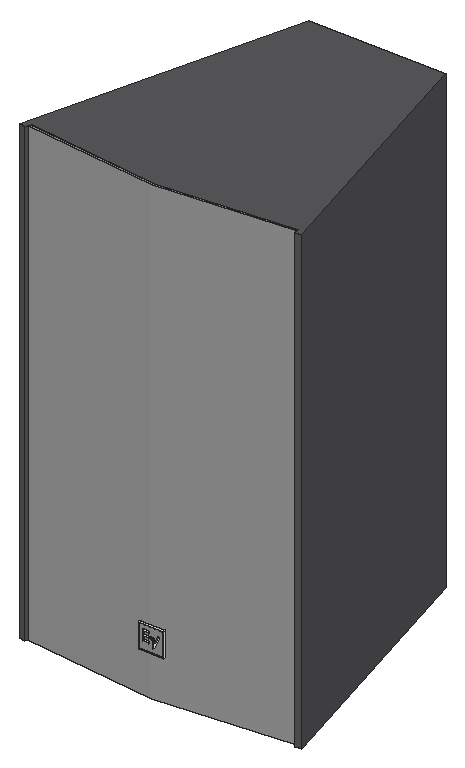
Revit family "EVF-1152S", category Communication Devices, Revit 2017
Family settings
  Maintain Annotation Orientation = Yes
  Round Connector Dimension = Use Diameter
  Part Type = Normal
  OmniClass Number = 23.85.10.11.11.21
  OmniClass Title = Speakers
  Work Plane-Based = Yes
  Always vertical = Yes
  Cut with Voids When Loaded = No
  Shared = No
  Room Calculation Point = No
Parameters (values of type "EVF1152S43BLKLB_Black_40X30_1X15_Two-Way")
  Version = "1"
  Uniclass2015Code = "Pr_60_75_08_02"
  URL = ""
  ProductInformation = "https://www.electrovoice.com/binary/EVF-1152S-43_Engineering_Data_Sheet.PDF"
  PlanningTools = "https://www.electrovoice.com/product.php?id=955#downloads"
  ModelNumber = "F.01U.272.518"
  Model = ""
  MaterialRALColour = "RAL9004"
  ManufacturerURL = "https://www.electrovoice.com"
  Manufacturer = "Electro Voice"
  LoudspeakerMaterial [instance] = 13-plyWeather-resistantBirchEVCoat -RAL9004
  GrillMaterial [instance] = 16GA Powder-coatedGalvanneal - B
  FrontLength = 469.84 mm  # constant formula
  Default Elevation = 0.00 mm
  CTN = "EVF1152S43BLKLB"
  BackLength = 228.60 mm  # constant formula
  InstallationManual = "https://www.electrovoice.com/binary/EVF-1152S-43_Engineering_Data_Sheet.PDF"
  IfcExportType = "IfcBuildingElementProxyType"
  IfcExportAs = "IfcBuildingElementProxy"
  Height = 768.55 mm  # constant formula
  Disclaimer = "http://resource.boschsecurity.com/information/BIM/Disclaimer_Electrovoice.pdf"
  Description = "ND2B 2 51mm Diaphragm, 36mm Exit Pure Titanium Compression Driver. SMX2151 381mm LF Transducer with Fully Symmetric Drive. Advanced 4th Order Crossover Network with HF Protection. Coverage Pattern: 40° x 30° Constant DirectivityTM 12” Rotatable Waveguide. 101 dB Sensitivity, 134 dB Maximum SPL. System Rating: 500W Continuous, (2000W Peak). Active Rating: LF400W/HF40W Continuous (1600W/160W Peak). (22) M10 Threaded Suspension Points"
  Depth = 466.57 mm  # constant formula
  ArchitectsAndEngineersSpecs = "https://www.electrovoice.com/binary/EVF-1152S-43_Engineering_Data_Sheet.PDF"
Reference planes
  plane 1 "Center (Front/Back)": y = 0
  plane 2: z = 0
  plane 3 "Center (Left/Right)": x = 0
Forms (mm)
  Extrusion 1, solid
    sketch origin (-218.808, 253.121, 151.949) x (0, 0, 1) y (0, -1, 0)
      loop
        line (-20.634, 250.621) -> (-5.289, 250.621) -> (-5.289, 253.121) -> (-20.634, 253.121) -> (-20.634, 250.621)
    from 217.781 to 244.634
  Extrusion 2, solid, material "16GA Powder-coatedGalvanneal - B" <- "GrillMaterial", detail levels medium+fine
    sketch origin (-0.165, -226.499, 0) x (1, 0, 0) y (0, 1, 0)
      loop
        line (-222.477, -216.478) -> (-223.774, -221.318)
        arc (-223.774, -221.318) -> (0.165, -243.208) -> (224.104, -221.318) r 1156.427
        line (224.104, -221.318) -> (222.807, -216.478)
        arc (222.807, -216.478) -> (0.165, -238.208) -> (-222.477, -216.478) r 1151.427
    from 0 to 768.55
  Extrusion 3, solid, material "13-plyWeather-resistantBirchEVCoat -RAL9004" <- "LoudspeakerMaterial"
    sketch origin (24.276, -254.036, 0) x (-1, 0, 0) y (0, -1, 0)
      loop
        line (-90.024, -254.036) -> (138.576, -254.036) -> (259.333, 196.636)
        arc (259.333, 196.636) -> (254.425, 197.639) -> (249.512, 198.621) r 1161.427
        line (249.512, 198.621) -> (246.918, 188.94)
        arc (246.918, 188.94) -> (24.276, 210.671) -> (-198.367, 188.94) r 1151.427
        line (-198.367, 188.94) -> (-200.961, 198.621)
        arc (-200.961, 198.621) -> (-205.873, 197.639) -> (-210.781, 196.636) r 1161.427
        line (-210.781, 196.636) -> (-90.024, -254.036)
    from 0 to 768.55
Lines and regions (mm)
  model lines, not visible
    curve 1: circle (-148.073, 312.274, 0) r 11.11 normal (0, 0, 1)
    curve 2: circle (-148.073, 312.274, 0) r 11.06 normal (0, 0, 1)
    curve 3: circle (-148.073, 312.274, 0) r 8.06 normal (0, 0, 1)
    curve 4: circle (0.015, 265.209, 0) r 11.11 normal (0, 0, 1)
    curve 5: circle (0.015, 265.209, 0) r 11.06 normal (0, 0, 1)
    curve 6: circle (0.015, 265.209, 0) r 8.06 normal (0, 0, 1)
    curve 7: circle (0.015, 37.855, 0) r 11.11 normal (0, 0, 1)
    curve 8: circle (0.015, 37.855, 0) r 11.06 normal (0, 0, 1)
    curve 9: circle (0.015, 37.855, 0) r 8.06 normal (0, 0, 1)
    curve 10: circle (-82.155, 65.035, 0) r 11.11 normal (0, 0, 1)
    curve 11: circle (-82.155, 65.035, 0) r 11.06 normal (0, 0, 1)
    curve 12: circle (-82.155, 65.035, 0) r 8.06 normal (0, 0, 1)
    curve 13: line (-105.991, 7.671, 0) -> (106.016, 7.671, 0)
    curve 41: line (-222.628, 442.966, 0) -> (-105.991, 7.671, 0)
    curve 42: line (222.653, 442.966, 0) -> (106.016, 7.671, 0)
    curve 43: line (-114.288, -0.002, -768.55) -> (-105.991, 7.671, -768.55)
    curve 44: line (114.312, -0.002, -768.55) -> (106.016, 7.671, -768.55)
    curve 45: circle (148.098, 312.274, 0) r 11.11 normal (0, 0, -1)
    curve 46: circle (148.098, 312.274, 0) r 11.06 normal (0, 0, -1)
    curve 47: circle (148.098, 312.274, 0) r 8.06 normal (0, 0, -1)
    curve 48: circle (82.179, 65.035, 0) r 11.11 normal (0, 0, -1)
    curve 49: circle (82.179, 65.035, 0) r 11.06 normal (0, 0, -1)
    curve 50: circle (82.179, 65.035, 0) r 8.06 normal (0, 0, -1)
  model lines, detail levels fine
    curve 14: circle (-0.006, -0.043, 728.55) r 12 normal (0, -1, 0)
    curve 15: circle (-0.006, -0.043, 40) r 12 normal (0, -1, 0)
    curve 16: circle (-0.006, -0.043, 40) r 8 normal (0, -1, 0)
    curve 17: circle (-0.006, -0.043, 728.55) r 8 normal (0, -1, 0)
    curve 52: circle (-144.82, -113.904, 728.55) r 12 normal (0.9659, -0.2588, 0)
    curve 53: circle (-144.82, -113.904, 728.55) r 8 normal (0.9659, -0.2588, 0)
    curve 54: circle (-144.82, -113.904, 40) r 12 normal (0.9659, -0.2588, 0)
    curve 55: circle (-144.82, -113.904, 40) r 8 normal (0.9659, -0.2588, 0)
    curve 56: circle (-123.682, -35.016, 659.275) r 6 normal (-0.9659, 0.2588, 0)
    curve 57: circle (-123.682, -35.016, 659.275) r 8 normal (-0.9659, 0.2588, 0)
    curve 58: circle (-123.682, -35.016, 109.275) r 6 normal (0.9659, -0.2588, 0)
    curve 59: circle (-123.682, -35.016, 109.275) r 8 normal (0.9659, -0.2588, 0)
    curve 60: circle (-123.682, -35.016, 296.775) r 6 normal (0.9659, -0.2588, 0)
    curve 61: circle (-123.682, -35.016, 296.775) r 8 normal (0.9659, -0.2588, 0)
    curve 62: circle (-123.682, -35.016, 471.775) r 6 normal (-0.9659, 0.2588, 0)
    curve 63: circle (-123.682, -35.016, 471.775) r 8 normal (-0.9659, 0.2588, 0)
    curve 64: circle (-197.446, -310.305, 728.55) r 12 normal (0.9659, -0.2588, 0)
    curve 65: circle (-197.446, -310.305, 728.55) r 8 normal (0.9659, -0.2588, 0)
    curve 66: circle (-197.446, -310.305, 40) r 12 normal (0.9659, -0.2588, 0)
    curve 67: circle (-197.446, -310.305, 40) r 8 normal (0.9659, -0.2588, 0)
    curve 68: circle (144.82, -113.904, 728.55) r 12 normal (0.9659, 0.2588, 0)
    curve 69: circle (144.82, -113.904, 728.55) r 8 normal (0.9659, 0.2588, 0)
    curve 70: circle (144.82, -113.904, 40) r 12 normal (0.9659, 0.2588, 0)
    curve 71: circle (144.82, -113.904, 40) r 8 normal (0.9659, 0.2588, 0)
    curve 72: circle (123.682, -35.016, 659.275) r 6 normal (-0.9659, -0.2588, 0)
    curve 73: circle (123.682, -35.016, 659.275) r 8 normal (-0.9659, -0.2588, 0)
    curve 74: circle (123.682, -35.016, 109.275) r 6 normal (0.9659, 0.2588, 0)
    curve 75: circle (123.682, -35.016, 109.275) r 8 normal (0.9659, 0.2588, 0)
    curve 76: circle (123.682, -35.016, 296.775) r 6 normal (0.9659, 0.2588, 0)
    curve 77: circle (123.682, -35.016, 296.775) r 8 normal (0.9659, 0.2588, 0)
    curve 78: circle (123.682, -35.016, 471.775) r 6 normal (-0.9659, -0.2588, 0)
    curve 79: circle (123.682, -35.016, 471.775) r 8 normal (-0.9659, -0.2588, 0)
    curve 80: circle (197.446, -310.305, 728.55) r 12 normal (0.9659, 0.2588, 0)
    curve 81: circle (197.446, -310.305, 728.55) r 8 normal (0.9659, 0.2588, 0)
    curve 82: circle (197.446, -310.305, 40) r 12 normal (0.9659, 0.2588, 0)
    curve 83: circle (197.446, -310.305, 40) r 8 normal (0.9659, 0.2588, 0)
  model lines
    curve 18: circle (-148.086, -312.277, 768.55) r 11.11 normal (0, 0, -1)
    curve 19: circle (-148.086, -312.277, 768.55) r 11.06 normal (0, 0, -1)
    curve 20: circle (-148.086, -312.277, 768.55) r 8.06 normal (0, 0, -1)
    curve 21: circle (0.003, -265.212, 768.55) r 11.11 normal (0, 0, -1)
    curve 22: circle (0.003, -265.212, 768.55) r 11.06 normal (0, 0, -1)
    curve 23: circle (0.003, -265.212, 768.55) r 8.06 normal (0, 0, -1)
    curve 24: circle (0.003, -37.857, 768.55) r 11.11 normal (0, 0, -1)
    curve 25: circle (0.003, -37.857, 768.55) r 11.06 normal (0, 0, -1)
    curve 26: circle (0.003, -37.857, 768.55) r 8.06 normal (0, 0, -1)
    curve 27: circle (-82.167, -65.037, 768.55) r 11.11 normal (0, 0, -1)
    curve 28: circle (-82.167, -65.037, 768.55) r 11.06 normal (0, 0, -1)
    curve 29: circle (-82.167, -65.037, 768.55) r 8.06 normal (0, 0, -1)
    curve 30: line (-106.003, -7.673, 768.55) -> (106.003, -7.673, 768.55)
    curve 31: line (-222.64, -442.968, 768.55) -> (-106.003, -7.673, 768.55)
    curve 32: line (222.64, -442.968, 768.55) -> (106.003, -7.673, 768.55)
    curve 33: line (-114.3, 0, 0) -> (-106.003, -7.673, 0)
    curve 34: line (114.3, 0, 0) -> (106.003, -7.673, 0)
    curve 35: circle (148.086, -312.277, 768.55) r 11.11 normal (0, 0, 1)
    curve 36: circle (148.086, -312.277, 768.55) r 11.06 normal (0, 0, 1)
    curve 37: circle (148.086, -312.277, 768.55) r 8.06 normal (0, 0, 1)
    curve 38: circle (82.167, -65.037, 768.55) r 11.11 normal (0, 0, 1)
    curve 39: circle (82.167, -65.037, 768.55) r 11.06 normal (0, 0, 1)
    curve 40: circle (82.167, -65.037, 768.55) r 8.06 normal (0, 0, 1)
    curve 51: line (-234.783, -450.191, 0) -> (-234.783, -450.691, 0)
  model lines, not visible, detail levels fine
    curve 84: circle (-0.006, -0.043, 728.55) r 12 normal (0, -1, 0)
    curve 85: circle (-0.006, -0.043, 40) r 12 normal (0, -1, 0)
    curve 86: circle (-0.006, -0.043, 40) r 8 normal (0, -1, 0)
    curve 87: circle (-0.006, -0.043, 728.55) r 8 normal (0, -1, 0)
    curve 88: circle (-144.82, -113.904, 728.55) r 12 normal (0.9659, -0.2588, 0)
    curve 89: circle (-144.82, -113.904, 728.55) r 8 normal (0.9659, -0.2588, 0)
    curve 90: circle (-144.82, -113.904, 40) r 12 normal (0.9659, -0.2588, 0)
    curve 91: circle (-144.82, -113.904, 40) r 8 normal (0.9659, -0.2588, 0)
    curve 92: circle (-123.682, -35.016, 659.275) r 6 normal (-0.9659, 0.2588, 0)
    curve 93: circle (-123.682, -35.016, 659.275) r 8 normal (-0.9659, 0.2588, 0)
    curve 94: circle (-123.682, -35.016, 109.275) r 6 normal (0.9659, -0.2588, 0)
    curve 95: circle (-123.682, -35.016, 109.275) r 8 normal (0.9659, -0.2588, 0)
    curve 96: circle (-123.682, -35.016, 296.775) r 6 normal (0.9659, -0.2588, 0)
    curve 97: circle (-123.682, -35.016, 296.775) r 8 normal (0.9659, -0.2588, 0)
    curve 98: circle (-123.682, -35.016, 471.775) r 6 normal (-0.9659, 0.2588, 0)
    curve 99: circle (-123.682, -35.016, 471.775) r 8 normal (-0.9659, 0.2588, 0)
    curve 100: circle (-197.446, -310.305, 728.55) r 12 normal (0.9659, -0.2588, 0)
    curve 101: circle (-197.446, -310.305, 728.55) r 8 normal (0.9659, -0.2588, 0)
    curve 102: circle (-197.446, -310.305, 40) r 12 normal (0.9659, -0.2588, 0)
    curve 103: circle (-197.446, -310.305, 40) r 8 normal (0.9659, -0.2588, 0)
    curve 104: circle (144.82, -113.904, 728.55) r 12 normal (0.9659, 0.2588, 0)
    curve 105: circle (144.82, -113.904, 728.55) r 8 normal (0.9659, 0.2588, 0)
    curve 106: circle (144.82, -113.904, 40) r 12 normal (0.9659, 0.2588, 0)
    curve 107: circle (144.82, -113.904, 40) r 8 normal (0.9659, 0.2588, 0)
    curve 108: circle (123.682, -35.016, 659.275) r 6 normal (-0.9659, -0.2588, 0)
    curve 109: circle (123.682, -35.016, 659.275) r 8 normal (-0.9659, -0.2588, 0)
    curve 110: circle (123.682, -35.016, 109.275) r 6 normal (0.9659, 0.2588, 0)
    curve 111: circle (123.682, -35.016, 109.275) r 8 normal (0.9659, 0.2588, 0)
    curve 112: circle (123.682, -35.016, 296.775) r 6 normal (0.9659, 0.2588, 0)
    curve 113: circle (123.682, -35.016, 296.775) r 8 normal (0.9659, 0.2588, 0)
    curve 114: circle (123.682, -35.016, 471.775) r 6 normal (-0.9659, -0.2588, 0)
    curve 115: circle (123.682, -35.016, 471.775) r 8 normal (-0.9659, -0.2588, 0)
    curve 116: circle (197.446, -310.305, 728.55) r 12 normal (0.9659, 0.2588, 0)
    curve 117: circle (197.446, -310.305, 728.55) r 8 normal (0.9659, 0.2588, 0)
    curve 118: circle (197.446, -310.305, 40) r 12 normal (0.9659, 0.2588, 0)
    curve 119: circle (197.446, -310.305, 40) r 8 normal (0.9659, 0.2588, 0)
Dimensions and locks
  locked: Extrusion 3 to Extrusion 3 at 768.55
  "Height": Extrusion 2 to Extrusion 3
  "BackLength": curve 33 to curve 34
  equal spacing: curve 33, plane 3 "Center (Left/Right)", Extrusion 3
  "Depth": Extrusion 3 to curve 33
  "FrontLength": curve 51 to Extrusion 3
  aligned and locked: plane 2 to level
Automatic sketch dimensions
  curve 14 to curve 17 = 0.00 mm  (x4)
  curve 17 to curve 16 = 0.00 mm
  curve 17 to curve 16 = 688.55 mm
  curve 15 to curve 16 = 0.00 mm  (x2)
  Extrusion 1 sketch curve to plane 1 "Center (Front/Back)" = 0.00 mm
  level to Extrusion 1 sketch curve = 131.315 mm
  Extrusion 1 sketch curve to Extrusion 1 sketch curve = 15.346 mm
  Extrusion 1 sketch curve to plane 1 "Center (Front/Back)" = 2.50 mm
  plane 3 "Center (Left/Right)" to Extrusion 2 sketch curve = 0.00 mm
  plane 3 "Center (Left/Right)" to Extrusion 2 sketch curve = 222.642 mm
  Extrusion 2 sketch curve to Extrusion 2 sketch curve = 1.297 mm  (x2)
  plane 1 "Center (Front/Back)" to Extrusion 2 sketch curve = 447.817 mm
  Extrusion 2 sketch curve to Extrusion 2 sketch curve = 0.00 mm  (x3)
  Extrusion 3 sketch curve to Extrusion 3 sketch curve = 0.00 mm  (x4)
  plane 1 "Center (Front/Back)" to Extrusion 3 sketch curve = 0.00 mm
  Extrusion 3 sketch curve to plane 3 "Center (Left/Right)" = 0.00 mm
  plane 3 "Center (Left/Right)" to Extrusion 3 sketch curve = 114.30 mm
  plane 3 "Center (Left/Right)" to Extrusion 3 sketch curve = 222.642 mm
  Extrusion 3 sketch curve to Extrusion 3 sketch curve = 2.594 mm  (x2)
  Extrusion 3 sketch curve to Extrusion 3 sketch curve = 9.821 mm  (x2)
  Extrusion 3 sketch curve to plane 3 "Center (Left/Right)" = 114.30 mm
  plane 1 "Center (Front/Back)" to Extrusion 3 sketch curve = 442.977 mm
  Extrusion 3 sketch curve to Extrusion 3 sketch curve = 7.695 mm  (x2)
  Extrusion 3 sketch curve to plane 3 "Center (Left/Right)" = 222.642 mm
  Extrusion 3 sketch curve to Extrusion 3 sketch curve = 1.985 mm
  Extrusion 2 sketch curve to Extrusion 2 sketch curve = 4.841 mm
  Extrusion 2 sketch curve to plane 1 "Center (Front/Back)" = 686.72 mm
  curve 33 to curve 33 = 8.297 mm
  curve 33 to curve 34 = 212.006 mm
  curve 34 to curve 34 = 8.297 mm
  curve 33 to curve 34 = 0.00 mm
  curve 34 to curve 34 = 7.673 mm
  curve 33 to curve 33 = 7.673 mm
  curve 18 to curve 19 = 0.00 mm  (x3)
  curve 18 to curve 20 = 0.00 mm  (x4)
  curve 19 to curve 20 = 0.00 mm  (x3)
  curve 21 to curve 22 = 0.00 mm  (x4)
  curve 21 to curve 23 = 0.00 mm  (x4)
  curve 24 to curve 25 = 0.00 mm  (x4)
  curve 24 to curve 26 = 0.00 mm  (x4)
  curve 27 to curve 28 = 0.00 mm  (x4)
  curve 27 to curve 29 = 0.00 mm  (x4)
  curve 35 to curve 36 = 0.00 mm  (x4)
  curve 35 to curve 37 = 0.00 mm  (x4)
  curve 38 to curve 39 = 0.00 mm  (x4)
  curve 38 to curve 40 = 0.00 mm  (x4)
  curve 18 to curve 31 = 42.082 mm
  curve 30 to curve 29 = 23.836 mm
  curve 27 to curve 21 = 82.17 mm
  curve 27 to curve 26 = 82.17 mm
  curve 24 to curve 39 = 82.164 mm
  curve 38 to curve 32 = 23.836 mm
  curve 20 to curve 35 = 0.00 mm
  curve 21 to curve 38 = 200.174 mm
  curve 21 to curve 27 = 200.174 mm
  curve 38 to curve 26 = 27.18 mm
  curve 27 to curve 30 = 57.364 mm
  curve 31 to curve 18 = 74.555 mm
  curve 35 to curve 32 = 74.555 mm
  curve 31 to curve 18 = 130.691 mm
  curve 32 to curve 35 = 130.691 mm
  curve 22 to curve 23 = 0.00 mm  (x2)
  curve 25 to curve 26 = 0.00 mm  (x2)
  curve 28 to curve 29 = 0.00 mm  (x2)
  curve 36 to curve 37 = 0.00 mm  (x2)
  curve 39 to curve 40 = 0.00 mm  (x2)
  curve 21 to curve 35 = 148.083 mm
  curve 35 to curve 22 = 47.065 mm
  curve 43 to curve 43 = 8.297 mm
  curve 43 to curve 44 = 212.006 mm
  curve 44 to curve 44 = 8.297 mm
  curve 43 to curve 44 = 0.00 mm
  curve 44 to curve 44 = 7.673 mm
  curve 43 to curve 43 = 7.673 mm
  curve 1 to curve 2 = 0.00 mm  (x3)
  curve 1 to curve 3 = 0.00 mm  (x4)
  curve 2 to curve 3 = 0.00 mm  (x3)
  curve 4 to curve 5 = 0.00 mm  (x4)
  curve 4 to curve 6 = 0.00 mm  (x4)
  curve 7 to curve 8 = 0.00 mm  (x4)
  curve 7 to curve 9 = 0.00 mm  (x4)
  curve 10 to curve 11 = 0.00 mm  (x4)
  curve 10 to curve 12 = 0.00 mm  (x4)
  curve 45 to curve 46 = 0.00 mm  (x4)
  curve 45 to curve 47 = 0.00 mm  (x4)
  curve 48 to curve 49 = 0.00 mm  (x4)
  curve 48 to curve 50 = 0.00 mm  (x4)
  curve 1 to curve 41 = 42.082 mm
  curve 13 to curve 12 = 23.836 mm
  curve 10 to curve 4 = 82.17 mm
  curve 10 to curve 9 = 82.17 mm
  curve 7 to curve 49 = 82.164 mm
  curve 48 to curve 42 = 23.836 mm
  curve 3 to curve 45 = 0.00 mm
  curve 48 to curve 4 = 200.174 mm
  curve 10 to curve 4 = 200.174 mm
  curve 9 to curve 48 = 27.18 mm
  curve 13 to curve 10 = 57.364 mm
  curve 41 to curve 1 = 74.555 mm
  curve 45 to curve 42 = 74.555 mm
  curve 1 to curve 41 = 130.691 mm
  curve 45 to curve 42 = 130.691 mm
  curve 5 to curve 6 = 0.00 mm  (x2)
  curve 8 to curve 9 = 0.00 mm  (x2)
  curve 11 to curve 12 = 0.00 mm  (x2)
  curve 46 to curve 47 = 0.00 mm  (x2)
  curve 49 to curve 50 = 0.00 mm  (x2)
  curve 4 to curve 45 = 148.083 mm
  curve 5 to curve 45 = 47.065 mm
  curve 52 to curve 53 = 0.00 mm  (x2)
  curve 54 to curve 55 = 0.00 mm  (x2)
  curve 56 to curve 57 = 0.00 mm  (x2)
  curve 58 to curve 59 = 0.00 mm  (x2)
  curve 60 to curve 61 = 0.00 mm  (x2)
  curve 62 to curve 63 = 0.00 mm  (x2)
  curve 64 to curve 65 = 0.00 mm  (x2)
  curve 66 to curve 67 = 0.00 mm  (x2)
  curve 66 to curve 64 = 0.00 mm
  curve 67 to curve 55 = 203.329 mm
  curve 65 to curve 53 = 203.329 mm
  curve 55 to curve 61 = 81.671 mm
  curve 62 to curve 60 = 0.00 mm
  curve 55 to curve 58 = 81.671 mm
  curve 53 to curve 57 = 81.671 mm
  curve 65 to curve 52 = 0.00 mm
  curve 53 to curve 57 = 69.275 mm
  curve 56 to curve 62 = 187.50 mm
  curve 62 to curve 60 = 175.00 mm
  curve 60 to curve 58 = 187.50 mm
  curve 58 to curve 54 = 69.275 mm
  curve 66 to curve 54 = 0.00 mm
  plane 1 "Center (Front/Back)" to curve 51 = 450.691 mm
  curve 51 to curve 51 = 0.50 mm
  curve 68 to curve 69 = 0.00 mm  (x2)
  curve 70 to curve 71 = 0.00 mm  (x2)
  curve 72 to curve 73 = 0.00 mm  (x2)
  curve 74 to curve 75 = 0.00 mm  (x2)
  curve 76 to curve 77 = 0.00 mm  (x2)
  curve 78 to curve 79 = 0.00 mm  (x2)
  curve 80 to curve 81 = 0.00 mm  (x2)
  curve 82 to curve 83 = 0.00 mm  (x2)
  curve 82 to curve 80 = 0.00 mm
  curve 83 to curve 71 = 203.329 mm
  curve 81 to curve 69 = 203.329 mm
  curve 71 to curve 77 = 81.671 mm
  curve 78 to curve 76 = 0.00 mm
  curve 71 to curve 74 = 81.671 mm
  curve 69 to curve 73 = 81.671 mm
  curve 70 to curve 83 = 0.00 mm
  curve 71 to curve 74 = 69.275 mm
  curve 74 to curve 76 = 187.50 mm
  curve 76 to curve 78 = 175.00 mm
  curve 78 to curve 72 = 187.50 mm
  curve 72 to curve 81 = 69.275 mm
  curve 72 to curve 69 = 69.275 mm
  curve 84 to curve 87 = 0.00 mm  (x4)
  curve 87 to curve 86 = 0.00 mm
  curve 87 to curve 86 = 688.55 mm
  curve 85 to curve 86 = 0.00 mm  (x2)
  curve 88 to curve 89 = 0.00 mm  (x2)
  curve 90 to curve 91 = 0.00 mm  (x2)
  curve 92 to curve 93 = 0.00 mm  (x2)
  curve 94 to curve 95 = 0.00 mm  (x2)
  curve 96 to curve 97 = 0.00 mm  (x2)
  curve 98 to curve 99 = 0.00 mm  (x2)
  curve 100 to curve 101 = 0.00 mm  (x2)
  curve 102 to curve 103 = 0.00 mm  (x2)
  curve 102 to curve 100 = 0.00 mm
  curve 103 to curve 91 = 203.329 mm
  curve 101 to curve 89 = 203.329 mm
  curve 91 to curve 97 = 81.671 mm
  curve 98 to curve 96 = 0.00 mm
  curve 91 to curve 94 = 81.671 mm
  curve 89 to curve 93 = 81.671 mm
  curve 101 to curve 88 = 0.00 mm
  curve 89 to curve 93 = 69.275 mm
  curve 92 to curve 98 = 187.50 mm
  curve 98 to curve 96 = 175.00 mm
  curve 96 to curve 94 = 187.50 mm
  curve 94 to curve 90 = 69.275 mm
  curve 102 to curve 90 = 0.00 mm
  curve 104 to curve 105 = 0.00 mm  (x2)
  curve 106 to curve 107 = 0.00 mm  (x2)
  curve 108 to curve 109 = 0.00 mm  (x2)
  curve 110 to curve 111 = 0.00 mm  (x2)
  curve 112 to curve 113 = 0.00 mm  (x2)
  curve 114 to curve 115 = 0.00 mm  (x2)
  curve 116 to curve 117 = 0.00 mm  (x2)
  curve 118 to curve 119 = 0.00 mm  (x2)
  curve 118 to curve 116 = 0.00 mm
  curve 119 to curve 107 = 203.329 mm
  curve 117 to curve 105 = 203.329 mm
  curve 107 to curve 113 = 81.671 mm
  curve 114 to curve 112 = 0.00 mm
  curve 107 to curve 110 = 81.671 mm
  curve 105 to curve 109 = 81.671 mm
  curve 106 to curve 119 = 0.00 mm
  curve 107 to curve 110 = 69.275 mm
  curve 110 to curve 112 = 187.50 mm
  curve 112 to curve 114 = 175.00 mm
  curve 114 to curve 108 = 187.50 mm
  curve 108 to curve 117 = 69.275 mm
  curve 108 to curve 105 = 69.275 mm
  radius of curve 17 = 8.00 mm
  radius of curve 14 = 12.00 mm
  radius of curve 16 = 8.00 mm
  radius of curve 15 = 12.00 mm
  radius of curve 18 = 11.11 mm
  radius of curve 19 = 11.06 mm
  radius of curve 20 = 8.06 mm
  radius of curve 21 = 11.11 mm
  radius of curve 22 = 11.06 mm
  radius of curve 23 = 8.06 mm
  radius of curve 24 = 11.11 mm
  radius of curve 25 = 11.06 mm
  radius of curve 26 = 8.06 mm
  radius of curve 27 = 11.11 mm
  radius of curve 28 = 11.06 mm
  radius of curve 29 = 8.06 mm
  radius of curve 35 = 11.11 mm
  radius of curve 36 = 11.06 mm
  radius of curve 37 = 8.06 mm
  radius of curve 38 = 11.11 mm
  radius of curve 39 = 11.06 mm
  radius of curve 40 = 8.06 mm
  radius of curve 1 = 11.11 mm
  radius of curve 2 = 11.06 mm
  radius of curve 3 = 8.06 mm
  radius of curve 4 = 11.11 mm
  radius of curve 5 = 11.06 mm
  radius of curve 6 = 8.06 mm
  radius of curve 7 = 11.11 mm
  radius of curve 8 = 11.06 mm
  radius of curve 9 = 8.06 mm
  radius of curve 10 = 11.11 mm
  radius of curve 11 = 11.06 mm
  radius of curve 12 = 8.06 mm
  radius of curve 45 = 11.11 mm
  radius of curve 46 = 11.06 mm
  radius of curve 47 = 8.06 mm
  radius of curve 48 = 11.11 mm
  radius of curve 49 = 11.06 mm
  radius of curve 50 = 8.06 mm
  radius of curve 52 = 12.00 mm
  radius of curve 53 = 8.00 mm
  radius of curve 54 = 12.00 mm
  radius of curve 55 = 8.00 mm
  radius of curve 56 = 6.00 mm
  radius of curve 57 = 8.00 mm
  radius of curve 58 = 6.00 mm
  radius of curve 59 = 8.00 mm
  radius of curve 60 = 6.00 mm
  radius of curve 61 = 8.00 mm
  radius of curve 62 = 6.00 mm
  radius of curve 63 = 8.00 mm
  radius of curve 64 = 12.00 mm
  radius of curve 65 = 8.00 mm
  radius of curve 66 = 12.00 mm
  radius of curve 67 = 8.00 mm
  radius of curve 68 = 12.00 mm
  radius of curve 69 = 8.00 mm
  radius of curve 70 = 12.00 mm
  radius of curve 71 = 8.00 mm
  radius of curve 72 = 6.00 mm
  radius of curve 73 = 8.00 mm
  radius of curve 74 = 6.00 mm
  radius of curve 75 = 8.00 mm
  radius of curve 76 = 6.00 mm
  radius of curve 77 = 8.00 mm
  radius of curve 78 = 6.00 mm
  radius of curve 79 = 8.00 mm
  radius of curve 80 = 12.00 mm
  radius of curve 81 = 8.00 mm
  radius of curve 82 = 12.00 mm
  radius of curve 83 = 8.00 mm
  radius of curve 87 = 8.00 mm
  radius of curve 84 = 12.00 mm
  radius of curve 86 = 8.00 mm
  radius of curve 85 = 12.00 mm
  radius of curve 88 = 12.00 mm
  radius of curve 89 = 8.00 mm
  radius of curve 90 = 12.00 mm
  radius of curve 91 = 8.00 mm
  radius of curve 92 = 6.00 mm
  radius of curve 93 = 8.00 mm
  radius of curve 94 = 6.00 mm
  radius of curve 95 = 8.00 mm
  radius of curve 96 = 6.00 mm
  radius of curve 97 = 8.00 mm
  radius of curve 98 = 6.00 mm
  radius of curve 99 = 8.00 mm
  radius of curve 100 = 12.00 mm
  radius of curve 101 = 8.00 mm
  radius of curve 102 = 12.00 mm
  radius of curve 103 = 8.00 mm
  radius of curve 104 = 12.00 mm
  radius of curve 105 = 8.00 mm
  radius of curve 106 = 12.00 mm
  radius of curve 107 = 8.00 mm
  radius of curve 108 = 6.00 mm
  radius of curve 109 = 8.00 mm
  radius of curve 110 = 6.00 mm
  radius of curve 111 = 8.00 mm
  radius of curve 112 = 6.00 mm
  radius of curve 113 = 8.00 mm
  radius of curve 114 = 6.00 mm
  radius of curve 115 = 8.00 mm
  radius of curve 116 = 12.00 mm
  radius of curve 117 = 8.00 mm
  radius of curve 118 = 12.00 mm
  radius of curve 119 = 8.00 mm
Nested families
  nested 1: "InputPanelV" at (0.031, 0.022, 51.922), LoudspeakerMaterial <- "LoudspeakerMaterial", type "InputPanelV", detail levels medium+fine
    with LoudspeakerMaterial 13-plyWeather-resistantBirchEVCoat -RAL9004
  nested 2: "L-EV" at (0, -469.612, 88.55), type "L-EV", detail levels medium+fine
Connectors
  electrical at (12.4, 2.5, 138.988)
    settings: on Extrusion 1, index 2, voltage 0 V, apparent load 0 VA, apparent load phase1 0 VA, apparent load phase2 0 VA, apparent load phase3 0 VA, power factor 1, load classification "Other", number of poles 1, system type 31, power factor state 1, is connector primary yes, connector utility no, sub classification motor no, connector description ""
Definition of nested family "InputPanelV"
  Parameters (values of type "InputPanelV")
    Material = "RAL9004"
    LoudspeakerMaterial [instance] = none
    Default Elevation = 1219.20 mm
  Reference planes
    plane 1 "Center (Front/Back)": y = 0
    plane 2: z = 0
    plane 3 "Center (Left/Right)": x = 0
  Forms (mm)
    Extrusion 1, solid, material <- "LoudspeakerMaterial", not visible
      sketch origin (-134.089, -0.5, 42.57) x (0, 0, -1) y (1, 0, 0)
        loop
          arc (-236.652, 198.043) -> (-237.266, 197.789) -> (-237.521, 197.174) r 0.869
          line (-237.521, 197.174) -> (-237.521, 70.264)
          arc (-237.521, 70.264) -> (-237.266, 69.649) -> (-236.652, 69.395) r 0.869
          line (-236.652, 69.395) -> (41.701, 69.395)
          arc (41.701, 69.395) -> (42.316, 69.649) -> (42.57, 70.264) r 0.869
          line (42.57, 70.264) -> (42.57, 197.174)
          arc (42.57, 197.174) -> (42.316, 197.789) -> (41.701, 198.043) r 0.869
          line (41.701, 198.043) -> (-236.652, 198.043)
      from 0 to -0.5
    Extrusion 2, solid, material <- "LoudspeakerMaterial", detail levels medium+fine
      sketch origin (-61.076, 0, 141.306) x (0, 0, -1) y (1, 0, 0)
        loop
          line (134.909, 125.031) -> (-132.479, 125.031)
          arc (-132.479, 125.031) -> (-136.938, 123.184) -> (-138.785, 118.724) r 6.306
          line (-138.785, 118.724) -> (-138.785, 2.656)
          arc (-138.785, 2.656) -> (-137.145, -1.571) -> (-133.106, -3.618) r 6.306
          line (-133.106, -3.618) -> (134.923, -3.618)
          arc (134.923, -3.618) -> (139.382, -1.771) -> (141.229, 2.689) r 6.306
          line (141.229, 2.689) -> (141.215, 118.725)
          arc (141.215, 118.725) -> (139.367, 123.184) -> (134.909, 125.031) r 6.306
        loop
          line (-32, 109) -> (-119, 109)
          arc (-119, 109) -> (-122.536, 107.536) -> (-124, 104) r 5
          line (-124, 104) -> (-124, 18.073)
          arc (-124, 18.073) -> (-122.536, 14.537) -> (-119, 13.073) r 5
          line (-119, 13.073) -> (-32, 13.068)
          arc (-32, 13.068) -> (-28.464, 14.537) -> (-27, 18.073) r 5
          line (-27, 18.073) -> (-27, 104)
          arc (-27, 104) -> (-28.464, 107.536) -> (-32, 109) r 5
        loop
          line (121.931, 109) -> (-17.996, 109)
          arc (-17.996, 109) -> (-21.532, 107.536) -> (-22.996, 104) r 5
          line (-22.996, 104) -> (-22.996, 18.073)
          arc (-22.996, 18.073) -> (-21.532, 14.537) -> (-17.996, 13.073) r 5
          line (-17.996, 13.073) -> (121.931, 13.068)
          arc (121.931, 13.068) -> (125.466, 14.537) -> (126.931, 18.073) r 5
          line (126.931, 18.073) -> (126.931, 104)
          arc (126.931, 104) -> (125.466, 107.536) -> (121.931, 109) r 5
        loop
          circle (-131.217, 117.431) r 2.623
        loop
          circle (-43.03, 117.431) r 2.623
        loop
          circle (45.408, 117.431) r 2.623
        loop
          circle (133.136, 117.431) r 2.623
        loop
          circle (-131.469, 3.695) r 2.623
        loop
          circle (-43.281, 3.695) r 2.623
        loop
          circle (45.157, 3.695) r 2.623
        loop
          circle (132.885, 3.695) r 2.623
      from 0 to 10
    Extrusion 3, solid, material <- "LoudspeakerMaterial", detail levels fine
      sketch origin (-61.076, 0, 141.306) x (0, 0, -1) y (1, 0, 0)
        loop
          arc (-17.996, 109) -> (-21.532, 107.536) -> (-22.996, 104) r 5
          line (-22.996, 104) -> (-22.996, 18.073)
          arc (-22.996, 18.073) -> (-21.53, 14.535) -> (-17.996, 13.068) r 5
          line (-17.996, 13.068) -> (121.931, 13.073)
          arc (121.931, 13.073) -> (125.466, 14.537) -> (126.931, 18.073) r 5
          line (126.931, 18.073) -> (126.931, 104)
          arc (126.931, 104) -> (125.466, 107.536) -> (121.931, 109) r 5
          line (121.931, 109) -> (-17.996, 109)
        loop
          line (54.039, 97.778) -> (-7.991, 97.77)
          arc (-7.991, 97.77) -> (-8.799, 96.096) -> (-10.285, 94.977) r 3.948
          line (-10.285, 94.977) -> (-10.277, 26.4)
          arc (-10.277, 26.4) -> (-8.791, 25.282) -> (-7.981, 23.608) r 3.948
          line (-7.981, 23.608) -> (54.048, 23.615)
          arc (54.048, 23.615) -> (57.907, 26.731) -> (61.766, 23.616) r 3.948
          line (61.766, 23.616) -> (111.183, 23.622)
          arc (111.183, 23.622) -> (111.992, 25.297) -> (113.478, 26.415) r 3.948
          line (113.478, 26.415) -> (113.47, 94.993)
          arc (113.47, 94.993) -> (111.984, 96.11) -> (111.174, 97.785) r 3.948
          line (111.174, 97.785) -> (61.757, 97.779)
          arc (61.757, 97.779) -> (57.899, 94.663) -> (54.039, 97.778) r 3.948
        loop
          circle (57.898, 98.611) r 1.593
        loop
          circle (57.898, 22.673) r 1.593
        loop
          circle (114.809, 98.611) r 1.593
        loop
          circle (114.809, 22.673) r 1.593
        loop
          circle (-11.512, 98.611) r 1.593
        loop
          circle (-11.512, 22.673) r 1.593
      from 7.5 to 5
    Extrusion 4, solid, material <- "LoudspeakerMaterial", detail levels fine
      sketch origin (-61.076, -5, 141.306) x (0, 0, -1) y (1, 0, 0)
        loop
          arc (-136.087, 111.908) -> (-136.669, 111.554) -> (-136.853, 110.898) r 0.929
          line (-136.853, 110.898) -> (-130.706, 110.884)
          arc (-130.706, 110.884) -> (-126.61, 112.865) -> (-124.668, 116.98) r 6.83
          line (-124.668, 116.98) -> (-124.689, 123.07)
          arc (-124.689, 123.07) -> (-125.343, 122.884) -> (-125.696, 122.302) r 0.93
          line (-125.696, 122.302) -> (-125.681, 117.428)
          arc (-125.681, 117.428) -> (-127.297, 113.511) -> (-131.213, 111.895) r 5.516
          line (-131.213, 111.895) -> (-136.087, 111.908)
        loop
          line (-136.087, 9.439) -> (-131.213, 9.451)
          arc (-131.213, 9.451) -> (-127.297, 7.835) -> (-125.681, 3.918) r 5.516
          line (-125.681, 3.918) -> (-125.696, -0.955)
          arc (-125.696, -0.955) -> (-125.343, -1.537) -> (-124.689, -1.723) r 0.93
          line (-124.689, -1.723) -> (-124.668, 4.366)
          arc (-124.668, 4.366) -> (-126.61, 8.481) -> (-130.706, 10.463) r 6.83
          line (-130.706, 10.463) -> (-136.853, 10.449)
          arc (-136.853, 10.449) -> (-136.669, 9.793) -> (-136.087, 9.439) r 0.929
        loop
          line (138.516, 111.908) -> (133.643, 111.895)
          arc (133.643, 111.895) -> (129.726, 113.511) -> (128.11, 117.428) r 5.516
          line (128.11, 117.428) -> (128.125, 122.302)
          arc (128.125, 122.302) -> (127.773, 122.884) -> (127.118, 123.07) r 0.93
          line (127.118, 123.07) -> (127.098, 116.98)
          arc (127.098, 116.98) -> (129.04, 112.865) -> (133.136, 110.884) r 6.83
          line (133.136, 110.884) -> (139.283, 110.898)
          arc (139.283, 110.898) -> (139.098, 111.554) -> (138.516, 111.908) r 0.929
        loop
          arc (138.516, 9.439) -> (139.098, 9.793) -> (139.283, 10.449) r 0.929
          line (139.283, 10.449) -> (133.136, 10.463)
          arc (133.136, 10.463) -> (129.04, 8.481) -> (127.098, 4.366) r 6.83
          line (127.098, 4.366) -> (127.118, -1.723)
          arc (127.118, -1.723) -> (127.773, -1.537) -> (128.125, -0.955) r 0.93
          line (128.125, -0.955) -> (128.11, 3.918)
          arc (128.11, 3.918) -> (129.726, 7.835) -> (133.643, 9.451) r 5.516
          line (133.643, 9.451) -> (138.516, 9.439)
      from 6 to 5
    Extrusion 5, solid, material <- "LoudspeakerMaterial"
      sketch origin (-61.076, 0, 141.306) x (0, 0, -1) y (1, 0, 0)
        loop
          line (-138.785, 125.031) -> (-138.785, -3.618) -> (141.23, -3.618) -> (141.214, 125.031) -> (-138.785, 125.031)
      from 0 to 4.337
  Lines and regions (mm)
    model lines, not visible
      curve 1: arc (59.415, -9.5, 70.232) -> (59.756, -9.5, 68.636) -> (60.858, -9.5, 67.432) r 3.109
      curve 2: arc (59.414, -9.5, 82.845) -> (59.754, -9.5, 81.249) -> (60.857, -9.5, 80.045) r 3.109
      curve 3: arc (59.417, -9.5, 63.926) -> (59.752, -9.5, 62.34) -> (60.84, -9.5, 61.139) r 3.108
      curve 4: arc (59.415, -9.5, 76.539) -> (59.75, -9.5, 74.953) -> (60.838, -9.5, 73.752) r 3.108
      curve 5: arc (60.711, -9.5, 72.945) -> (59.72, -9.5, 71.753) -> (59.414, -9.5, 70.232) r 3.166
      curve 6: arc (60.71, -9.5, 85.557) -> (59.718, -9.5, 84.365) -> (59.412, -9.5, 82.845) r 3.166
      curve 7: arc (60.712, -9.5, 66.637) -> (59.721, -9.5, 65.445) -> (59.415, -9.5, 63.926) r 3.165
      curve 8: arc (60.71, -9.5, 79.25) -> (59.72, -9.5, 78.058) -> (59.414, -9.5, 76.539) r 3.165
      curve 9: arc (59.062, -9.5, 76.539) -> (58.721, -9.5, 78.135) -> (57.618, -9.5, 79.339) r 3.109
      curve 10: arc (59.063, -9.5, 63.926) -> (58.723, -9.5, 65.522) -> (57.62, -9.5, 66.726) r 3.109
      curve 11: arc (59.06, -9.5, 82.845) -> (58.725, -9.5, 84.431) -> (57.637, -9.5, 85.632) r 3.108
      curve 12: arc (59.062, -9.5, 70.232) -> (58.726, -9.5, 71.818) -> (57.638, -9.5, 73.019) r 3.108
      curve 13: arc (57.765, -9.5, 73.826) -> (58.757, -9.5, 75.018) -> (59.063, -9.5, 76.539) r 3.166
      curve 14: arc (57.767, -9.5, 61.214) -> (58.758, -9.5, 62.406) -> (59.065, -9.5, 63.926) r 3.166
      curve 15: arc (57.765, -9.5, 80.134) -> (58.756, -9.5, 81.326) -> (59.062, -9.5, 82.845) r 3.165
      curve 16: arc (57.767, -9.5, 67.521) -> (58.757, -9.5, 68.713) -> (59.063, -9.5, 70.232) r 3.165
      curve 17: arc (62.678, -9.5, 67.687) -> (63.752, -9.5, 68.757) -> (64.103, -9.5, 70.233) r 2.775
      curve 18: arc (63.369, -9.5, 67.367) -> (64.444, -9.5, 68.62) -> (64.794, -9.5, 70.233) r 3.371
      curve 19: arc (62.678, -9.5, 67.687) -> (62.999, -9.5, 67.474) -> (63.369, -9.5, 67.367) r 1.273
      curve 20: arc (62.676, -9.5, 80.299) -> (63.75, -9.5, 81.37) -> (64.101, -9.5, 82.846) r 2.775
      curve 21: arc (63.368, -9.5, 79.98) -> (64.442, -9.5, 81.233) -> (64.793, -9.5, 82.846) r 3.371
      curve 22: arc (62.676, -9.5, 80.299) -> (62.998, -9.5, 80.087) -> (63.368, -9.5, 79.98) r 1.273
      curve 23: arc (62.679, -9.5, 61.381) -> (63.752, -9.5, 62.452) -> (64.103, -9.5, 63.927) r 2.774
      curve 24: arc (63.37, -9.5, 61.062) -> (64.444, -9.5, 62.315) -> (64.794, -9.5, 63.927) r 3.37
      curve 25: arc (62.679, -9.5, 61.381) -> (63, -9.5, 61.169) -> (63.37, -9.5, 61.062) r 1.273
      curve 26: arc (62.677, -9.5, 73.994) -> (63.751, -9.5, 75.064) -> (64.101, -9.5, 76.539) r 2.774
      curve 27: arc (63.369, -9.5, 73.675) -> (64.442, -9.5, 74.927) -> (64.793, -9.5, 76.539) r 3.37
      curve 28: arc (62.677, -9.5, 73.994) -> (62.998, -9.5, 73.781) -> (63.369, -9.5, 73.675) r 1.273
      curve 29: arc (64.103, -9.5, 70.233) -> (63.752, -9.5, 71.708) -> (62.677, -9.5, 72.779) r 2.775
      curve 30: arc (63.369, -9.5, 73.098) -> (62.999, -9.5, 72.992) -> (62.677, -9.5, 72.779) r 1.273
      curve 31: arc (64.794, -9.5, 70.233) -> (64.443, -9.5, 71.846) -> (63.369, -9.5, 73.098) r 3.371
      curve 32: arc (64.101, -9.5, 82.846) -> (63.75, -9.5, 84.321) -> (62.676, -9.5, 85.392) r 2.775
      curve 33: arc (63.367, -9.5, 85.711) -> (62.997, -9.5, 85.604) -> (62.676, -9.5, 85.392) r 1.273
      curve 34: arc (64.793, -9.5, 82.846) -> (64.442, -9.5, 84.458) -> (63.367, -9.5, 85.711) r 3.371
      curve 35: arc (64.103, -9.5, 63.927) -> (63.752, -9.5, 65.401) -> (62.678, -9.5, 66.472) r 2.774
      curve 36: arc (63.37, -9.5, 66.791) -> (62.999, -9.5, 66.684) -> (62.678, -9.5, 66.472) r 1.273
      curve 37: arc (64.794, -9.5, 63.927) -> (64.444, -9.5, 65.539) -> (63.37, -9.5, 66.791) r 3.37
      curve 38: arc (64.101, -9.5, 76.539) -> (63.75, -9.5, 78.014) -> (62.676, -9.5, 79.084) r 2.774
      curve 39: arc (63.368, -9.5, 79.404) -> (62.998, -9.5, 79.297) -> (62.676, -9.5, 79.084) r 1.273
      curve 40: arc (64.793, -9.5, 76.539) -> (64.442, -9.5, 78.151) -> (63.368, -9.5, 79.404) r 3.37
      curve 41: arc (59.627, -9.5, 63.926) -> (59.978, -9.5, 62.451) -> (61.052, -9.5, 61.381) r 2.774
      curve 42: arc (61.051, -9.5, 66.471) -> (59.977, -9.5, 65.401) -> (59.627, -9.5, 63.926) r 2.774
      curve 43: arc (59.625, -9.5, 70.232) -> (59.976, -9.5, 68.757) -> (61.051, -9.5, 67.686) r 2.775
      curve 44: arc (61.05, -9.5, 72.779) -> (59.976, -9.5, 71.708) -> (59.625, -9.5, 70.232) r 2.775
      curve 45: arc (59.625, -9.5, 76.539) -> (59.976, -9.5, 75.064) -> (61.05, -9.5, 73.994) r 2.774
      curve 46: arc (61.049, -9.5, 79.084) -> (59.976, -9.5, 78.014) -> (59.625, -9.5, 76.539) r 2.774
      curve 47: arc (59.624, -9.5, 82.845) -> (59.975, -9.5, 81.37) -> (61.049, -9.5, 80.299) r 2.775
      curve 48: arc (61.049, -9.5, 85.391) -> (59.975, -9.5, 84.321) -> (59.624, -9.5, 82.845) r 2.775
      curve 49: arc (65.487, -9.5, 67.368) -> (66.537, -9.5, 68.57) -> (66.91, -9.5, 70.123) r 3.348
      curve 50: arc (65.485, -9.5, 79.98) -> (66.535, -9.5, 81.183) -> (66.909, -9.5, 82.735) r 3.348
      curve 51: arc (66.91, -9.5, 70.344) -> (66.536, -9.5, 71.896) -> (65.486, -9.5, 73.099) r 3.348
      curve 52: arc (66.909, -9.5, 82.956) -> (66.535, -9.5, 84.509) -> (65.485, -9.5, 85.711) r 3.348
      curve 53: arc (65.488, -9.5, 61.062) -> (66.543, -9.5, 62.278) -> (66.911, -9.5, 63.846) r 3.353
      curve 54: arc (65.486, -9.5, 73.675) -> (66.542, -9.5, 74.891) -> (66.909, -9.5, 76.458) r 3.353
      curve 55: arc (66.911, -9.5, 64.008) -> (66.543, -9.5, 65.576) -> (65.487, -9.5, 66.791) r 3.353
      curve 56: arc (66.909, -9.5, 76.621) -> (66.542, -9.5, 78.189) -> (65.485, -9.5, 79.404) r 3.353
      curve 57: arc (61.368, -9.5, 70.233) -> (61.701, -9.5, 68.86) -> (62.728, -9.5, 67.892) r 2.482
      curve 58: arc (61.369, -9.5, 63.926) -> (61.702, -9.5, 62.554) -> (62.729, -9.5, 61.585) r 2.482
      curve 59: arc (61.777, -9.5, 65.419) -> (61.47, -9.5, 64.701) -> (61.369, -9.5, 63.926) r 2.857
      curve 60: arc (62.453, -9.5, 65.577) -> (62.398, -9.5, 65.499) -> (62.347, -9.5, 65.419) r 2.446
      curve 61: arc (61.777, -9.5, 71.725) -> (61.469, -9.5, 71.007) -> (61.368, -9.5, 70.233) r 2.857
      curve 62: arc (62.452, -9.5, 71.883) -> (62.398, -9.5, 71.805) -> (62.346, -9.5, 71.725) r 2.446
      curve 63: arc (61.367, -9.5, 76.539) -> (61.7, -9.5, 75.167) -> (62.727, -9.5, 74.198) r 2.482
      curve 64: arc (61.367, -9.5, 82.845) -> (61.699, -9.5, 81.473) -> (62.727, -9.5, 80.504) r 2.482
      curve 65: arc (61.776, -9.5, 78.031) -> (61.469, -9.5, 77.313) -> (61.367, -9.5, 76.539) r 2.857
      curve 66: arc (62.452, -9.5, 78.19) -> (62.397, -9.5, 78.112) -> (62.345, -9.5, 78.032) r 2.446
      curve 67: arc (61.775, -9.5, 84.338) -> (61.468, -9.5, 83.62) -> (61.367, -9.5, 82.845) r 2.857
      curve 68: arc (62.451, -9.5, 84.496) -> (62.396, -9.5, 84.418) -> (62.345, -9.5, 84.338) r 2.446
      curve 69: arc (55.799, -9.5, 79.084) -> (54.725, -9.5, 78.014) -> (54.374, -9.5, 76.538) r 2.775
      curve 70: arc (55.107, -9.5, 79.404) -> (54.033, -9.5, 78.151) -> (53.682, -9.5, 76.538) r 3.371
      curve 71: arc (55.799, -9.5, 79.084) -> (55.478, -9.5, 79.297) -> (55.107, -9.5, 79.404) r 1.273
      curve 72: arc (55.8, -9.5, 66.472) -> (54.726, -9.5, 65.401) -> (54.376, -9.5, 63.925) r 2.775
      curve 73: arc (55.109, -9.5, 66.791) -> (54.035, -9.5, 65.538) -> (53.684, -9.5, 63.925) r 3.371
      curve 74: arc (55.8, -9.5, 66.472) -> (55.479, -9.5, 66.684) -> (55.109, -9.5, 66.791) r 1.273
      curve 75: arc (55.798, -9.5, 85.39) -> (54.725, -9.5, 84.319) -> (54.374, -9.5, 82.844) r 2.774
      curve 76: arc (55.107, -9.5, 85.709) -> (54.033, -9.5, 84.456) -> (53.682, -9.5, 82.844) r 3.37
      curve 77: arc (55.798, -9.5, 85.39) -> (55.477, -9.5, 85.602) -> (55.107, -9.5, 85.709) r 1.273
      curve 78: arc (55.8, -9.5, 72.777) -> (54.726, -9.5, 71.707) -> (54.376, -9.5, 70.232) r 2.774
      curve 79: arc (55.108, -9.5, 73.096) -> (54.034, -9.5, 71.844) -> (53.684, -9.5, 70.232) r 3.37
      curve 80: arc (55.8, -9.5, 72.777) -> (55.478, -9.5, 72.99) -> (55.108, -9.5, 73.096) r 1.273
      curve 81: arc (54.374, -9.5, 76.538) -> (54.725, -9.5, 75.063) -> (55.8, -9.5, 73.992) r 2.775
      curve 82: arc (55.108, -9.5, 73.673) -> (55.478, -9.5, 73.779) -> (55.8, -9.5, 73.992) r 1.273
      curve 83: arc (53.682, -9.5, 76.538) -> (54.033, -9.5, 74.925) -> (55.108, -9.5, 73.673) r 3.371
      curve 84: arc (54.376, -9.5, 63.925) -> (54.727, -9.5, 62.45) -> (55.801, -9.5, 61.379) r 2.775
      curve 85: arc (55.11, -9.5, 61.06) -> (55.48, -9.5, 61.167) -> (55.801, -9.5, 61.379) r 1.273
      curve 86: arc (53.684, -9.5, 63.925) -> (54.035, -9.5, 62.313) -> (55.11, -9.5, 61.06) r 3.371
      curve 87: arc (54.374, -9.5, 82.844) -> (54.725, -9.5, 81.369) -> (55.799, -9.5, 80.299) r 2.774
      curve 88: arc (55.107, -9.5, 79.98) -> (55.477, -9.5, 80.087) -> (55.799, -9.5, 80.299) r 1.273
      curve 89: arc (53.682, -9.5, 82.844) -> (54.033, -9.5, 81.232) -> (55.107, -9.5, 79.98) r 3.37
      curve 90: arc (54.376, -9.5, 70.232) -> (54.726, -9.5, 68.757) -> (55.8, -9.5, 67.687) r 2.774
      curve 91: arc (55.109, -9.5, 67.367) -> (55.479, -9.5, 67.474) -> (55.8, -9.5, 67.687) r 1.273
      curve 92: arc (53.684, -9.5, 70.232) -> (54.035, -9.5, 68.62) -> (55.109, -9.5, 67.367) r 3.37
      curve 93: arc (58.85, -9.5, 82.845) -> (58.499, -9.5, 84.32) -> (57.425, -9.5, 85.39) r 2.774
      curve 94: arc (57.426, -9.5, 80.3) -> (58.499, -9.5, 81.37) -> (58.85, -9.5, 82.845) r 2.774
      curve 95: arc (58.851, -9.5, 76.539) -> (58.5, -9.5, 78.014) -> (57.426, -9.5, 79.085) r 2.775
      curve 96: arc (57.427, -9.5, 73.992) -> (58.501, -9.5, 75.063) -> (58.851, -9.5, 76.539) r 2.775
      curve 97: arc (58.852, -9.5, 70.232) -> (58.501, -9.5, 71.707) -> (57.427, -9.5, 72.777) r 2.774
      curve 98: arc (57.427, -9.5, 67.687) -> (58.501, -9.5, 68.757) -> (58.852, -9.5, 70.232) r 2.774
      curve 99: arc (58.853, -9.5, 63.926) -> (58.502, -9.5, 65.401) -> (57.428, -9.5, 66.472) r 2.775
      curve 100: arc (57.428, -9.5, 61.38) -> (58.502, -9.5, 62.45) -> (58.853, -9.5, 63.926) r 2.775
      curve 101: arc (52.99, -9.5, 79.403) -> (51.94, -9.5, 78.2) -> (51.567, -9.5, 76.648) r 3.348
      curve 102: arc (52.991, -9.5, 66.791) -> (51.942, -9.5, 65.588) -> (51.568, -9.5, 64.036) r 3.348
      curve 103: arc (51.567, -9.5, 76.427) -> (51.94, -9.5, 74.875) -> (52.991, -9.5, 73.672) r 3.348
      curve 104: arc (51.568, -9.5, 63.815) -> (51.942, -9.5, 62.262) -> (52.992, -9.5, 61.06) r 3.348
      curve 105: arc (52.989, -9.5, 85.709) -> (51.933, -9.5, 84.493) -> (51.566, -9.5, 82.925) r 3.353
      curve 106: arc (52.991, -9.5, 73.096) -> (51.935, -9.5, 71.88) -> (51.567, -9.5, 70.313) r 3.353
      curve 107: arc (51.566, -9.5, 82.763) -> (51.934, -9.5, 81.195) -> (52.99, -9.5, 79.98) r 3.353
      curve 108: arc (51.567, -9.5, 70.15) -> (51.935, -9.5, 68.582) -> (52.991, -9.5, 67.367) r 3.353
      curve 109: arc (57.108, -9.5, 82.845) -> (56.775, -9.5, 84.217) -> (55.748, -9.5, 85.186) r 2.482
      curve 110: arc (57.109, -9.5, 76.538) -> (56.776, -9.5, 77.911) -> (55.749, -9.5, 78.879) r 2.482
      curve 111: arc (56.7, -9.5, 75.046) -> (57.007, -9.5, 75.764) -> (57.109, -9.5, 76.538) r 2.857
      curve 112: arc (56.024, -9.5, 74.888) -> (56.079, -9.5, 74.966) -> (56.131, -9.5, 75.046) r 2.446
      curve 113: arc (56.699, -9.5, 81.352) -> (57.007, -9.5, 82.07) -> (57.108, -9.5, 82.845) r 2.857
      curve 114: arc (56.024, -9.5, 81.194) -> (56.078, -9.5, 81.272) -> (56.13, -9.5, 81.352) r 2.446
      curve 115: arc (57.109, -9.5, 70.232) -> (56.777, -9.5, 71.604) -> (55.749, -9.5, 72.573) r 2.482
      curve 116: arc (57.11, -9.5, 63.926) -> (56.777, -9.5, 65.298) -> (55.75, -9.5, 66.267) r 2.482
      curve 117: arc (56.702, -9.5, 62.433) -> (57.009, -9.5, 63.151) -> (57.11, -9.5, 63.926) r 2.857
      curve 118: arc (56.026, -9.5, 62.275) -> (56.081, -9.5, 62.353) -> (56.132, -9.5, 62.433) r 2.446
      curve 119: arc (56.701, -9.5, 68.739) -> (57.008, -9.5, 69.458) -> (57.109, -9.5, 70.232) r 2.857
      curve 120: arc (56.025, -9.5, 68.581) -> (56.08, -9.5, 68.659) -> (56.131, -9.5, 68.739) r 2.446
      curve 121: spline (77.962, -9.5, 59.963) -> (78.093, -9.5, 59.972) -> (78.223, -9.5, 59.998) -> (78.348, -9.5, 60.04) -> (78.466, -9.5, 60.099) -> (78.576, -9.5, 60.172) -> (78.675, -9.5, 60.259) -> (78.762, -9.5, 60.358) -> (78.835, -9.5, 60.468) -> (78.894, -9.5, 60.586) -> (78.936, -9.5, 60.711) -> (78.962, -9.5, 60.841) -> (78.97, -9.5, 60.972)
      curve 122: spline (78.967, -9.5, 85.803) -> (78.959, -9.5, 85.935) -> (78.933, -9.5, 86.065) -> (78.891, -9.5, 86.19) -> (78.832, -9.5, 86.308) -> (78.759, -9.5, 86.418) -> (78.672, -9.5, 86.517) -> (78.573, -9.5, 86.604) -> (78.463, -9.5, 86.677) -> (78.344, -9.5, 86.735) -> (78.22, -9.5, 86.778) -> (78.09, -9.5, 86.804) -> (77.958, -9.5, 86.812)
      curve 123: spline (40.515, -9.5, 86.808) -> (40.383, -9.5, 86.799) -> (40.254, -9.5, 86.773) -> (40.129, -9.5, 86.731) -> (40.01, -9.5, 86.672) -> (39.901, -9.5, 86.599) -> (39.801, -9.5, 86.512) -> (39.714, -9.5, 86.413) -> (39.641, -9.5, 86.303) -> (39.583, -9.5, 86.185) -> (39.54, -9.5, 86.06) -> (39.515, -9.5, 85.93) -> (39.506, -9.5, 85.799)
      curve 124: spline (39.509, -9.5, 60.97) -> (39.517, -9.5, 60.838) -> (39.543, -9.5, 60.708) -> (39.585, -9.5, 60.583) -> (39.643, -9.5, 60.464) -> (39.717, -9.5, 60.354) -> (39.804, -9.5, 60.255) -> (39.903, -9.5, 60.168) -> (40.013, -9.5, 60.094) -> (40.131, -9.5, 60.036) -> (40.256, -9.5, 59.993) -> (40.386, -9.5, 59.967) -> (40.518, -9.5, 59.959)
      curve 125: spline (40.57, -9.5, 86.753) -> (40.438, -9.5, 86.744) -> (40.309, -9.5, 86.718) -> (40.184, -9.5, 86.676) -> (40.065, -9.5, 86.617) -> (39.956, -9.5, 86.544) -> (39.856, -9.5, 86.457) -> (39.769, -9.5, 86.358) -> (39.696, -9.5, 86.248) -> (39.638, -9.5, 86.13) -> (39.595, -9.5, 86.005) -> (39.57, -9.5, 85.875) -> (39.561, -9.5, 85.744)
      curve 126: spline (39.564, -9.5, 61.023) -> (39.573, -9.5, 60.891) -> (39.598, -9.5, 60.761) -> (39.641, -9.5, 60.636) -> (39.699, -9.5, 60.518) -> (39.773, -9.5, 60.408) -> (39.86, -9.5, 60.309) -> (39.959, -9.5, 60.222) -> (40.069, -9.5, 60.149) -> (40.187, -9.5, 60.091) -> (40.312, -9.5, 60.048) -> (40.441, -9.5, 60.022) -> (40.573, -9.5, 60.014)
      curve 127: spline (78.912, -9.5, 85.748) -> (78.904, -9.5, 85.88) -> (78.878, -9.5, 86.01) -> (78.835, -9.5, 86.134) -> (78.777, -9.5, 86.253) -> (78.704, -9.5, 86.363) -> (78.617, -9.5, 86.462) -> (78.518, -9.5, 86.549) -> (78.408, -9.5, 86.622) -> (78.289, -9.5, 86.68) -> (78.164, -9.5, 86.723) -> (78.035, -9.5, 86.749) -> (77.903, -9.5, 86.757)
      curve 128: spline (77.907, -9.5, 60.018) -> (78.038, -9.5, 60.027) -> (78.168, -9.5, 60.053) -> (78.293, -9.5, 60.095) -> (78.411, -9.5, 60.154) -> (78.521, -9.5, 60.227) -> (78.62, -9.5, 60.314) -> (78.707, -9.5, 60.413) -> (78.78, -9.5, 60.523) -> (78.839, -9.5, 60.641) -> (78.881, -9.5, 60.766) -> (78.907, -9.5, 60.896) -> (78.915, -9.5, 61.027)
      curve 129: line (63.979, -9.5, 70.233) -> (63.818, -9.5, 71.221)
      curve 130: line (63.818, -9.5, 71.221) -> (63.359, -9.5, 72.059)
      curve 131: line (63.359, -9.5, 72.059) -> (62.673, -9.5, 72.618)
      curve 132: line (62.673, -9.5, 72.618) -> (61.864, -9.5, 72.815)
      curve 133: line (61.864, -9.5, 72.815) -> (61.054, -9.5, 72.618)
      curve 134: line (61.054, -9.5, 72.618) -> (60.368, -9.5, 72.058)
      curve 135: line (60.368, -9.5, 72.058) -> (59.91, -9.5, 71.221)
      curve 136: line (59.91, -9.5, 71.221) -> (59.749, -9.5, 70.232)
      curve 137: line (59.749, -9.5, 70.232) -> (59.91, -9.5, 69.244)
      curve 138: line (59.91, -9.5, 69.244) -> (60.369, -9.5, 68.407)
      curve 139: line (60.369, -9.5, 68.407) -> (61.055, -9.5, 67.847)
      curve 140: line (61.055, -9.5, 67.847) -> (61.864, -9.5, 67.651)
      curve 141: line (61.864, -9.5, 67.651) -> (62.674, -9.5, 67.847)
      curve 142: line (62.674, -9.5, 67.847) -> (63.36, -9.5, 68.407)
      curve 143: line (63.36, -9.5, 68.407) -> (63.815, -9.5, 69.238)
      curve 144: line (63.818, -9.5, 69.245) -> (64.103, -9.5, 70.233)
      curve 145: line (64.103, -9.5, 70.233) -> (64.794, -9.5, 70.233)
      curve 146: line (64.794, -9.5, 70.233) -> (66.912, -9.5, 70.233)
      curve 147: line (66.912, -9.5, 70.233) -> (66.911, -9.5, 64.008)
      curve 148: line (63.978, -9.5, 82.846) -> (63.817, -9.5, 83.834)
      curve 149: line (63.817, -9.5, 83.834) -> (63.358, -9.5, 84.671)
      curve 150: line (63.358, -9.5, 84.671) -> (62.672, -9.5, 85.231)
      curve 151: line (62.672, -9.5, 85.231) -> (61.862, -9.5, 85.427)
      curve 152: line (61.862, -9.5, 85.427) -> (61.053, -9.5, 85.231)
      curve 153: line (61.053, -9.5, 85.231) -> (60.367, -9.5, 84.671)
      curve 154: line (60.367, -9.5, 84.671) -> (59.908, -9.5, 83.833)
      curve 155: line (59.908, -9.5, 83.833) -> (59.747, -9.5, 82.845)
      curve 156: line (59.747, -9.5, 82.845) -> (59.908, -9.5, 81.857)
      curve 157: line (59.908, -9.5, 81.857) -> (60.367, -9.5, 81.019)
      curve 158: line (60.367, -9.5, 81.019) -> (61.053, -9.5, 80.46)
      curve 159: line (61.053, -9.5, 80.46) -> (61.863, -9.5, 80.263)
      curve 160: line (61.863, -9.5, 80.263) -> (62.672, -9.5, 80.46)
      curve 161: line (62.672, -9.5, 80.46) -> (63.358, -9.5, 81.02)
      curve 162: line (63.358, -9.5, 81.02) -> (63.813, -9.5, 81.851)
      curve 163: line (63.817, -9.5, 81.857) -> (64.101, -9.5, 82.846)
      curve 164: line (64.101, -9.5, 82.846) -> (64.793, -9.5, 82.846)
      curve 165: line (64.793, -9.5, 82.846) -> (66.91, -9.5, 82.846)
      curve 166: line (66.91, -9.5, 82.846) -> (66.909, -9.5, 76.621)
      curve 167: line (63.98, -9.5, 63.927) -> (63.819, -9.5, 64.915)
      curve 168: line (63.819, -9.5, 64.915) -> (63.36, -9.5, 65.752)
      curve 169: line (63.36, -9.5, 65.752) -> (62.674, -9.5, 66.312)
      curve 170: line (62.674, -9.5, 66.312) -> (61.864, -9.5, 66.508)
      curve 171: line (61.864, -9.5, 66.508) -> (61.055, -9.5, 66.312)
      curve 172: line (61.055, -9.5, 66.312) -> (60.369, -9.5, 65.752)
      curve 173: line (60.369, -9.5, 65.752) -> (59.911, -9.5, 64.914)
      curve 174: line (59.911, -9.5, 64.914) -> (59.75, -9.5, 63.926)
      curve 175: line (59.75, -9.5, 63.926) -> (59.911, -9.5, 62.938)
      curve 176: line (59.911, -9.5, 62.938) -> (60.369, -9.5, 62.1)
      curve 177: line (60.369, -9.5, 62.1) -> (61.056, -9.5, 61.541)
      curve 178: line (61.056, -9.5, 61.541) -> (61.865, -9.5, 61.344)
      curve 179: line (61.865, -9.5, 61.344) -> (62.675, -9.5, 61.541)
      curve 180: line (62.675, -9.5, 61.541) -> (63.361, -9.5, 62.101)
      curve 181: line (63.361, -9.5, 62.101) -> (63.815, -9.5, 62.932)
      curve 182: line (63.819, -9.5, 62.938) -> (64.103, -9.5, 63.927)
      curve 183: line (64.103, -9.5, 63.927) -> (64.794, -9.5, 63.927)
      curve 184: line (64.794, -9.5, 63.927) -> (66.912, -9.5, 63.927)
      curve 185: line (66.912, -9.5, 63.927) -> (66.911, -9.5, 60.774)
      curve 186: line (66.911, -9.5, 60.774) -> (65.488, -9.5, 60.774)
      curve 187: line (65.488, -9.5, 60.774) -> (68.6, -9.5, 60.646)
      curve 188: line (68.6, -9.5, 60.646) -> (68.722, -9.5, 60.469)
      curve 189: line (68.722, -9.5, 60.469) -> (65.589, -9.5, 60.469)
      curve 190: line (65.589, -9.5, 60.469) -> (65.467, -9.5, 60.646)
      curve 191: line (63.978, -9.5, 76.539) -> (63.817, -9.5, 77.527)
      curve 192: line (63.817, -9.5, 77.527) -> (63.359, -9.5, 78.365)
      curve 193: line (63.359, -9.5, 78.365) -> (62.672, -9.5, 78.925)
      curve 194: line (62.672, -9.5, 78.925) -> (61.863, -9.5, 79.121)
      curve 195: line (61.863, -9.5, 79.121) -> (61.054, -9.5, 78.924)
      curve 196: line (61.054, -9.5, 78.924) -> (60.367, -9.5, 78.365)
      curve 197: line (60.367, -9.5, 78.365) -> (59.909, -9.5, 77.527)
      curve 198: line (59.909, -9.5, 77.527) -> (59.748, -9.5, 76.539)
      curve 199: line (59.748, -9.5, 76.539) -> (59.909, -9.5, 75.551)
      curve 200: line (59.909, -9.5, 75.551) -> (60.368, -9.5, 74.713)
